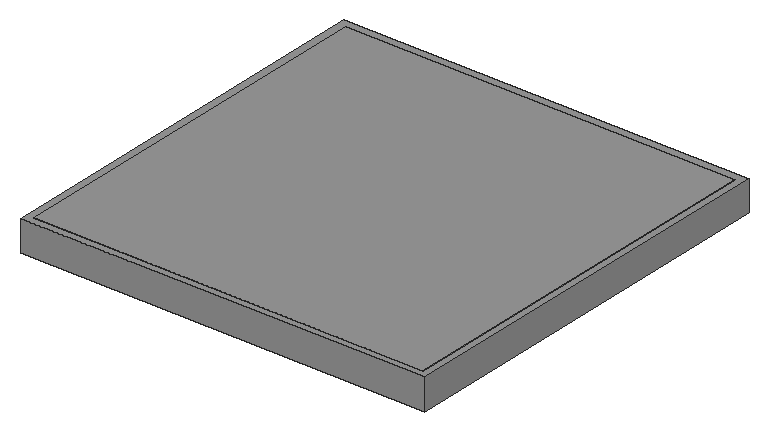
Revit family "ДВО-09 30 Вт Грильято DALI", category Осветительные приборы, Revit 2019 (continued)
Types (6, lengths in mm): name | Эффективность светильника | Файл фотометрической сетки | Тип рассеивателя | Световой поток модуля | built-in parameter 1150142 | Wattage | built-in parameter 1114217 | built-in parameter 1150134 | Lumens | built-in parameter 1150105 | Категория по ограничению яркости | built-in parameter 1150107 | built-in parameter 1150106 | Габаритная яркость | Артикул | URL
  ДВО-09-О-30-5К-IP40-Грильято-DALI | "123" | "INNOLUX 14 958 DVO-09-O-30-5K-IP40-DALI.ies" | "опал" | "1078" | "IESNA: LM-63-1995\r\n[TEST] lab - arhilight 2102145\r\n[MANUFAC] INNOLUX\r\n[LUMCAT] 14 958\r\n[LUMINAIRE] DVO-09-O-30-5Ê-IP40-DALI\r\n[LAMPCAT] LED 30W 5000K\r\n[MORE]\r\n[MORE]\r\n[LAMPCAT]\r\n[LAMP] \r\n[BALLAST] NO\r\n[_PRODUCTGROUP] \r\n[_INFOLINK] This file is created by A.Arkhipov (www.arhilight.ru)\r\nTILT=NONE\r\n \r\n1 3434 1 161 73 1 2 0.588 0.588 0.045\r\n 1  1 30.0\r\n\r\n0 1 2 3 4 5 6 7 8 9 10 11 12 13 14 15 16 17 18 19 20 21 22 23 24 25 26 27 28 29 30 31 32 33 34 35 36 37 38 39 40 41 42 43 44 45 46 47 48 49 50 51 52 53 54 55 56 57 58 59 60 61 62 63 64 65 66 67 68 69 70 71 72 73 74 75 76 77 78 79 80 81 82 83 84 85 86 87 88 89 90 91 92 93 94 95 96 97 98 99 100 101 102 103 104 105 106 107 108 109 110 111 112 113 114 115 116 117 118 119 120 121 122 123 124 125 126 127 128 129 130 131 132 133 134 135 136 137 138 139 140 141 142 143 144 145 146 147 148 149 150 151 152 153 154 155 156 157 158 159 160\r\n\r\n0 2.5 5 7.5 10 12.5 15 17.5 20 22.5 25 27.5 30 32.5 35 37.5 40 42.5 45 47.5 50 52.5 55 57.5 60 62.5 65 67.5 70 72.5 75 77.5 80 82.5 85 87.5 90 92.5 95 97.5 100 102.5 105 107.5 110 112.5 115 117.5 120 122.5 125 127.5 130 132.5 135 137.5 140 142.5 145 147.5 150 152.5 155 157.5 160 162.5 165 167.5 170 172.5 175 177.5 180 \r\n\r\n1213.1 1212.5 1211.3 1209.5 1207.5 1205.0 1202.2 1198.8 1194.8 1190.7 1186.0 1181.0 1175.4 1169.1 1162.5 1155.4 1147.9 1140.1 1131.6 1123.0 1114.0 1104.9 1095.6 1085.8 1075.4 1064.4 1053.3 1041.6 1029.7 1017.2 1004.6 991.4 978.3 964.7 951.1 937.4 923.4 908.9 894.5 879.4 864.4 848.5 832.5 815.9 799.4 782.4 765.5 748.1 730.8 713.1 695.7 677.3 659.3 640.5 621.9 602.4 583.3 563.7 544.6 524.8 505.4 485.4 465.4 444.8 424.7 403.8 382.9 362.4 341.4 320.7 299.8 279.3 258.6 238.4 217.9 198.2 178.3 159.2 140.1 121.9 104.0 87.4 71.6 57.5 44.5 33.3 24.2 17.3 12.3 9.1 7.2 6.3 6.1 6.1 6.1 6.2 6.1 6.2 6.3 6.2 0.0 0.0 0.0 0.0 0.0 0.0 0.0 0.0 0.0 0.0 0.0 0.0 0.0 0.0 0.0 0.0 0.0 0.0 0.0 0.0 0.0 0.0 0.0 0.0 0.0 0.0 0.0 0.0 0.0 0.0 0.0 0.0 0.0 0.0 0.0 0.0 0.0 0.0 0.0 0.0 0.0 0.0 0.0 0.0 0.0 0.0 0.0 0.0 0.0 0.0 0.0 0.0 0.0 0.0 0.0 0.0 0.0 0.0 0.0 0.0 0.0\r\n1213.1 1212.5 1211.4 1209.7 1207.7 1205.2 1202.4 1199.0 1195.1 1191.1 1186.4 1181.3 1175.8 1169.6 1163.1 1156.1 1148.7 1141.0 1132.7 1124.2 1115.2 1105.9 1096.5 1086.6 1076.2 1065.2 1054.2 1042.6 1030.9 1018.7 1006.2 993.3 980.2 966.5 952.8 939.0 924.7 910.3 895.5 880.5 865.0 849.3 833.2 816.8 800.2 783.4 766.4 749.3 732.0 714.6 697.1 679.1 660.9 642.4 623.7 604.6 585.4 566.0 546.5 526.9 507.2 487.3 467.1 446.8 426.5 405.8 385.0 364.5 343.5 322.9 301.9 281.4 260.6 240.4 219.8 200.1 180.2 161.0 141.9 123.4 105.7 88.9 73.1 58.6 45.7 34.3 25.1 18.0 12.9 9.6 7.6 6.6 6.2 6.1 6.2 6.2 6.2 6.2 6.3 6.3 0.0 0.0 0.0 0.0 0.0 0.0 0.0 0.0 0.0 0.0 0.0 0.0 0.0 0.0 0.0 0.0 0.0 0.0 0.0 0.0 0.0 0.0 0.0 0.0 0.0 0.0 0.0 0.0 0.0 0.0 0.0 0.0 0.0 0.0 0.0 0.0 0.0 0.0 0.0 0.0 0.0 0.0 0.0 0.0 0.0 0.0 0.0 0.0 0.0 0.0 0.0 0.0 0.0 0.0 0.0 0.0 0.0 0.0 0.0 0.0 0.0\r\n1213.1 1212.4 1211.4 1209.9 1207.9 1205.4 1202.5 1199.2 1195.4 1191.4 1186.7 1181.5 1176.1 1170.0 1163.6 1156.8 1149.5 1141.8 1133.8 1125.3 1116.3 1106.9 1097.4 1087.3 1076.9 1066.0 1055.1 1043.6 1032.1 1020.1 1007.7 995.1 982.0 968.3 954.5 940.5 926.0 911.6 896.4 881.5 865.6 850.1 833.9 817.7 801.0 784.3 767.3 750.5 733.2 716.1 698.4 680.8 662.5 644.3 625.5 606.7 587.4 568.2 548.4 528.9 509.0 489.1 468.8 448.8 428.2 407.8 387.1 366.6 345.6 325.0 304.0 283.4 262.5 242.3 221.7 201.9 182.0 162.7 143.6 124.9 107.4 90.3 74.6 59.7 46.8 35.2 26.0 18.6 13.5 10.1 7.9 6.9 6.3 6.1 6.2 6.2 6.2 6.2 6.3 6.4 0.0 0.0 0.0 0.0 0.0 0.0 0.0 0.0 0.0 0.0 0.0 0.0 0.0 0.0 0.0 0.0 0.0 0.0 0.0 0.0 0.0 0.0 0.0 0.0 0.0 0.0 0.0 0.0 0.0 0.0 0.0 0.0 0.0 0.0 0.0 0.0 0.0 0.0 0.0 0.0 0.0 0.0 0.0 0.0 0.0 0.0 0.0 0.0 0.0 0.0 0.0 0.0 0.0 0.0 0.0 0.0 0.0 0.0 0.0 0.0 0.0\r\n1213.1 1212.4 1211.2 1209.5 1207.3 1204.6 1201.4 1197.9 1193.9 1189.7 1184.8 1179.6 1173.9 1167.8 1161.1 1154.1 1146.5 1138.6 1130.3 1121.6 1112.5 1102.9 1093.3 1083.0 1072.6 1061.6 1050.5 1038.7 1027.0 1014.6 1002.0 989.0 975.7 961.8 947.9 933.7 919.2 904.6 889.6 874.5 859.0 843.5 827.5 811.2 794.7 777.8 760.8 743.6 726.1 708.5 690.7 672.6 654.3 635.8 617.2 598.2 579.1 559.8 540.3 520.6 500.6 480.7 460.3 440.2 419.4 399.0 378.2 357.6 336.7 316.2 295.3 275.0 254.3 234.4 214.1 194.5 175.0 156.0 137.2 119.1 101.8 85.3 70.0 55.8 43.3 32.6 23.9 17.1 12.4 9.3 7.5 6.7 6.4 6.3 6.4 6.4 6.3 6.4 6.5 6.6 0.0 0.0 0.0 0.0 0.0 0.0 0.0 0.0 0.0 0.0 0.0 0.0 0.0 0.0 0.0 0.0 0.0 0.0 0.0 0.0 0.0 0.0 0.0 0.0 0.0 0.0 0.0 0.0 0.0 0.0 0.0 0.0 0.0 0.0 0.0 0.0 0.0 0.0 0.0 0.0 0.0 0.0 0.0 0.0 0.0 0.0 0.0 0.0 0.0 0.0 0.0 0.0 0.0 0.0 0.0 0.0 0.0 0.0 0.0 0.0 0.0\r\n1213.1 1212.4 1211.0 1209.0 1206.6 1203.8 1200.3 1196.6 1192.3 1187.9 1182.9 1177.6 1171.6 1165.5 1158.5 1151.3 1143.5 1135.3 1126.8 1117.8 1108.6 1098.9 1089.1 1078.7 1068.2 1057.1 1045.8 1033.8 1021.8 1009.1 996.3 982.8 969.3 955.2 941.2 926.8 912.4 897.5 882.7 867.5 852.4 836.8 821.0 804.7 788.4 771.2 754.2 736.6 719.0 700.8 683.0 664.4 646.1 627.2 608.8 589.7 570.8 551.3 532.1 512.2 492.1 472.3 451.8 431.6 410.6 390.1 369.2 348.6 327.7 307.3 286.6 266.5 246.0 226.4 206.4 187.1 167.9 149.3 130.8 113.3 96.2 80.2 65.4 51.9 39.8 29.9 21.7 15.6 11.2 8.5 7.0 6.5 6.4 6.4 6.5 6.6 6.4 6.6 6.7 6.7 0.0 0.0 0.0 0.0 0.0 0.0 0.0 0.0 0.0 0.0 0.0 0.0 0.0 0.0 0.0 0.0 0.0 0.0 0.0 0.0 0.0 0.0 0.0 0.0 0.0 0.0 0.0 0.0 0.0 0.0 0.0 0.0 0.0 0.0 0.0 0.0 0.0 0.0 0.0 0.0 0.0 0.0 0.0 0.0 0.0 0.0 0.0 0.0 0.0 0.0 0.0 0.0 0.0 0.0 0.0 0.0 0.0 0.0 0.0 0.0 0.0\r\n1213.1 1212.5 1211.3 1209.5 1207.5 1205.0 1202.2 1198.8 1194.8 1190.7 1186.0 1181.0 1175.4 1169.1 1162.5 1155.4 1147.9 1140.1 1131.6 1123.0 1114.0 1104.9 1095.6 1085.8 1075.4 1064.4 1053.3 1041.6 1029.7 1017.2 1004.6 991.4 978.3 964.7 951.1 937.4 923.4 908.9 894.5 879.4 864.4 848.5 832.5 815.9 799.4 782.4 765.5 748.1 730.8 713.1 695.7 677.3 659.3 640.5 621.9 602.4 583.3 563.7 544.6 524.8 505.4 485.4 465.4 444.8 424.7 403.8 382.9 362.4 341.4 320.7 299.8 279.3 258.6 238.4 217.9 198.2 178.3 159.2 140.1 121.9 104.0 87.4 71.6 57.5 44.5 33.3 24.2 17.3 12.3 9.1 7.2 6.3 6.1 6.1 6.1 6.2 6.1 6.2 6.3 6.2 0.0 0.0 0.0 0.0 0.0 0.0 0.0 0.0 0.0 0.0 0.0 0.0 0.0 0.0 0.0 0.0 0.0 0.0 0.0 0.0 0.0 0.0 0.0 0.0 0.0 0.0 0.0 0.0 0.0 0.0 0.0 0.0 0.0 0.0 0.0 0.0 0.0 0.0 0.0 0.0 0.0 0.0 0.0 0.0 0.0 0.0 0.0 0.0 0.0 0.0 0.0 0.0 0.0 0.0 0.0 0.0 0.0 0.0 0.0 0.0 0.0\r\n1213.1 1212.5 1211.4 1209.7 1207.7 1205.2 1202.4 1199.0 1195.1 1191.1 1186.4 1181.3 1175.8 1169.6 1163.1 1156.1 1148.7 1141.0 1132.7 1124.2 1115.2 1105.9 1096.5 1086.6 1076.2 1065.2 1054.2 1042.6 1030.9 1018.7 1006.2 993.3 980.2 966.5 952.8 939.0 924.7 910.3 895.5 880.5 865.0 849.3 833.2 816.8 800.2 783.4 766.4 749.3 732.0 714.6 697.1 679.1 660.9 642.4 623.7 604.6 585.4 566.0 546.5 526.9 507.2 487.3 467.1 446.8 426.5 405.8 385.0 364.5 343.5 322.9 301.9 281.4 260.6 240.4 219.8 200.1 180.2 161.0 141.9 123.4 105.7 88.9 73.1 58.6 45.7 34.3 25.1 18.0 12.9 9.6 7.6 6.6 6.2 6.1 6.2 6.2 6.2 6.2 6.3 6.3 0.0 0.0 0.0 0.0 0.0 0.0 0.0 0.0 0.0 0.0 0.0 0.0 0.0 0.0 0.0 0.0 0.0 0.0 0.0 0.0 0.0 0.0 0.0 0.0 0.0 0.0 0.0 0.0 0.0 0.0 0.0 0.0 0.0 0.0 0.0 0.0 0.0 0.0 0.0 0.0 0.0 0.0 0.0 0.0 0.0 0.0 0.0 0.0 0.0 0.0 0.0 0.0 0.0 0.0 0.0 0.0 0.0 0.0 0.0 0.0 0.0\r\n1213.1 1212.4 1211.4 1209.9 1207.9 1205.4 1202.5 1199.2 1195.4 1191.4 1186.7 1181.5 1176.1 1170.0 1163.6 1156.8 1149.5 1141.8 1133.8 1125.3 1116.3 1106.9 1097.4 1087.3 1076.9 1066.0 1055.1 1043.6 1032.1 1020.1 1007.7 995.1 982.0 968.3 954.5 940.5 926.0 911.6 896.4 881.5 865.6 850.1 833.9 817.7 801.0 784.3 767.3 750.5 733.2 716.1 698.4 680.8 662.5 644.3 625.5 606.7 587.4 568.2 548.4 528.9 509.0 489.1 468.8 448.8 428.2 407.8 387.1 366.6 345.6 325.0 304.0 283.4 262.5 242.3 221.7 201.9 182.0 162.7 143.6 124.9 107.4 90.3 74.6 59.7 46.8 35.2 26.0 18.6 13.5 10.1 7.9 6.9 6.3 6.1 6.2 6.2 6.2 6.2 6.3 6.4 0.0 0.0 0.0 0.0 0.0 0.0 0.0 0.0 0.0 0.0 0.0 0.0 0.0 0.0 0.0 0.0 0.0 0.0 0.0 0.0 0.0 0.0 0.0 0.0 0.0 0.0 0.0 0.0 0.0 0.0 0.0 0.0 0.0 0.0 0.0 0.0 0.0 0.0 0.0 0.0 0.0 0.0 0.0 0.0 0.0 0.0 0.0 0.0 0.0 0.0 0.0 0.0 0.0 0.0 0.0 0.0 0.0 0.0 0.0 0.0 0.0\r\n1213.1 1212.4 1211.2 1209.5 1207.3 1204.6 1201.4 1197.9 1193.9 1189.7 1184.8 1179.6 1173.9 1167.8 1161.1 1154.1 1146.5 1138.6 1130.3 1121.6 1112.5 1102.9 1093.3 1083.0 1072.6 1061.6 1050.5 1038.7 1027.0 1014.6 1002.0 989.0 975.7 961.8 947.9 933.7 919.2 904.6 889.6 874.5 859.0 843.5 827.5 811.2 794.7 777.8 760.8 743.6 726.1 708.5 690.7 672.6 654.3 635.8 617.2 598.2 579.1 559.8 540.3 520.6 500.6 480.7 460.3 440.2 419.4 399.0 378.2 357.6 336.7 316.2 295.3 275.0 254.3 234.4 214.1 194.5 175.0 156.0 137.2 119.1 101.8 85.3 70.0 55.8 43.3 32.6 23.9 17.1 12.4 9.3 7.5 6.7 6.4 6.3 6.4 6.4 6.3 6.4 6.5 6.6 0.0 0.0 0.0 0.0 0.0 0.0 0.0 0.0 0.0 0.0 0.0 0.0 0.0 0.0 0.0 0.0 0.0 0.0 0.0 0.0 0.0 0.0 0.0 0.0 0.0 0.0 0.0 0.0 0.0 0.0 0.0 0.0 0.0 0.0 0.0 0.0 0.0 0.0 0.0 0.0 0.0 0.0 0.0 0.0 0.0 0.0 0.0 0.0 0.0 0.0 0.0 0.0 0.0 0.0 0.0 0.0 0.0 0.0 0.0 0.0 0.0\r\n1213.1 1212.4 1211.0 1209.0 1206.6 1203.8 1200.3 1196.6 1192.3 1187.9 1182.9 1177.6 1171.6 1165.5 1158.5 1151.3 1143.5 1135.3 1126.8 1117.8 1108.6 1098.9 1089.1 1078.7 1068.2 1057.1 1045.8 1033.8 1021.8 1009.1 996.3 982.8 969.3 955.2 941.2 926.8 912.4 897.5 882.7 867.5 852.4 836.8 821.0 804.7 788.4 771.2 754.2 736.6 719.0 700.8 683.0 664.4 646.1 627.2 608.8 589.7 570.8 551.3 532.1 512.2 492.1 472.3 451.8 431.6 410.6 390.1 369.2 348.6 327.7 307.3 286.6 266.5 246.0 226.4 206.4 187.1 167.9 149.3 130.8 113.3 96.2 80.2 65.4 51.9 39.8 29.9 21.7 15.6 11.2 8.5 7.0 6.5 6.4 6.4 6.5 6.6 6.4 6.6 6.7 6.7 0.0 0.0 0.0 0.0 0.0 0.0 0.0 0.0 0.0 0.0 0.0 0.0 0.0 0.0 0.0 0.0 0.0 0.0 0.0 0.0 0.0 0.0 0.0 0.0 0.0 0.0 0.0 0.0 0.0 0.0 0.0 0.0 0.0 0.0 0.0 0.0 0.0 0.0 0.0 0.0 0.0 0.0 0.0 0.0 0.0 0.0 0.0 0.0 0.0 0.0 0.0 0.0 0.0 0.0 0.0 0.0 0.0 0.0 0.0 0.0 0.0\r\n1213.1 1212.5 1211.3 1209.5 1207.5 1205.0 1202.2 1198.8 1194.8 1190.7 1186.0 1181.0 1175.4 1169.1 1162.5 1155.4 1147.9 1140.1 1131.6 1123.0 1114.0 1104.9 1095.6 1085.8 1075.4 1064.4 1053.3 1041.6 1029.7 1017.2 1004.6 991.4 978.3 964.7 951.1 937.4 923.4 908.9 894.5 879.4 864.4 848.5 832.5 815.9 799.4 782.4 765.5 748.1 730.8 713.1 695.7 677.3 659.3 640.5 621.9 602.4 583.3 563.7 544.6 524.8 505.4 485.4 465.4 444.8 424.7 403.8 382.9 362.4 341.4 320.7 299.8 279.3 258.6 238.4 217.9 198.2 178.3 159.2 140.1 121.9 104.0 87.4 71.6 57.5 44.5 33.3 24.2 17.3 12.3 9.1 7.2 6.3 6.1 6.1 6.1 6.2 6.1 6.2 6.3 6.2 0.0 0.0 0.0 0.0 0.0 0.0 0.0 0.0 0.0 0.0 0.0 0.0 0.0 0.0 0.0 0.0 0.0 0.0 0.0 0.0 0.0 0.0 0.0 0.0 0.0 0.0 0.0 0.0 0.0 0.0 0.0 0.0 0.0 0.0 0.0 0.0 0.0 0.0 0.0 0.0 0.0 0.0 0.0 0.0 0.0 0.0 0.0 0.0 0.0 0.0 0.0 0.0 0.0 0.0 0.0 0.0 0.0 0.0 0.0 0.0 0.0\r\n1213.1 1212.5 1211.4 1209.7 1207.7 1205.2 1202.4 1199.0 1195.1 1191.1 1186.4 1181.3 1175.8 1169.6 1163.1 1156.1 1148.7 1141.0 1132.7 1124.2 1115.2 1105.9 1096.5 1086.6 1076.2 1065.2 1054.2 1042.6 1030.9 1018.7 1006.2 993.3 980.2 966.5 952.8 939.0 924.7 910.3 895.5 880.5 865.0 849.3 833.2 816.8 800.2 783.4 766.4 749.3 732.0 714.6 697.1 679.1 660.9 642.4 623.7 604.6 585.4 566.0 546.5 526.9 507.2 487.3 467.1 446.8 426.5 405.8 385.0 364.5 343.5 322.9 301.9 281.4 260.6 240.4 219.8 200.1 180.2 161.0 141.9 123.4 105.7 88.9 73.1 58.6 45.7 34.3 25.1 18.0 12.9 9.6 7.6 6.6 6.2 6.1 6.2 6.2 6.2 6.2 6.3 6.3 0.0 0.0 0.0 0.0 0.0 0.0 0.0 0.0 0.0 0.0 0.0 0.0 0.0 0.0 0.0 0.0 0.0 0.0 0.0 0.0 0.0 0.0 0.0 0.0 0.0 0.0 0.0 0.0 0.0 0.0 0.0 0.0 0.0 0.0 0.0 0.0 0.0 0.0 0.0 0.0 0.0 0.0 0.0 0.0 0.0 0.0 0.0 0.0 0.0 0.0 0.0 0.0 0.0 0.0 0.0 0.0 0.0 0.0 0.0 0.0 0.0\r\n1213.1 1212.4 1211.4 1209.9 1207.9 1205.4 1202.5 1199.2 1195.4 1191.4 1186.7 1181.5 1176.1 1170.0 1163.6 1156.8 1149.5 1141.8 1133.8 1125.3 1116.3 1106.9 1097.4 1087.3 1076.9 1066.0 1055.1 1043.6 1032.1 1020.1 1007.7 995.1 982.0 968.3 954.5 940.5 926.0 911.6 896.4 881.5 865.6 850.1 833.9 817.7 801.0 784.3 767.3 750.5 733.2 716.1 698.4 680.8 662.5 644.3 625.5 606.7 587.4 568.2 548.4 528.9 509.0 489.1 468.8 448.8 428.2 407.8 387.1 366.6 345.6 325.0 304.0 283.4 262.5 242.3 221.7 201.9 182.0 162.7 143.6 124.9 107.4 90.3 74.6 59.7 46.8 35.2 26.0 18.6 13.5 10.1 7.9 6.9 6.3 6.1 6.2 6.2 6.2 6.2 6.3 6.4 0.0 0.0 0.0 0.0 0.0 0.0 0.0 0.0 0.0 0.0 0.0 0.0 0.0 0.0 0.0 0.0 0.0 0.0 0.0 0.0 0.0 0.0 0.0 0.0 0.0 0.0 0.0 0.0 0.0 0.0 0.0 0.0 0.0 0.0 0.0 0.0 0.0 0.0 0.0 0.0 0.0 0.0 0.0 0.0 0.0 0.0 0.0 0.0 0.0 0.0 0.0 0.0 0.0 0.0 0.0 0.0 0.0 0.0 0.0 0.0 0.0\r\n1213.1 1212.4 1211.2 1209.5 1207.3 1204.6 1201.4 1197.9 1193.9 1189.7 1184.8 1179.6 1173.9 1167.8 1161.1 1154.1 1146.5 1138.6 1130.3 1121.6 1112.5 1102.9 1093.3 1083.0 1072.6 1061.6 1050.5 1038.7 1027.0 1014.6 1002.0 989.0 975.7 961.8 947.9 933.7 919.2 904.6 889.6 874.5 859.0 843.5 827.5 811.2 794.7 777.8 760.8 743.6 726.1 708.5 690.7 672.6 654.3 635.8 617.2 598.2 579.1 559.8 540.3 520.6 500.6 480.7 460.3 440.2 419.4 399.0 378.2 357.6 336.7 316.2 295.3 275.0 254.3 234.4 214.1 194.5 175.0 156.0 137.2 119.1 101.8 85.3 70.0 55.8 43.3 32.6 23.9 17.1 12.4 9.3 7.5 6.7 6.4 6.3 6.4 6.4 6.3 6.4 6.5 6.6 0.0 0.0 0.0 0.0 0.0 0.0 0.0 0.0 0.0 0.0 0.0 0.0 0.0 0.0 0.0 0.0 0.0 0.0 0.0 0.0 0.0 0.0 0.0 0.0 0.0 0.0 0.0 0.0 0.0 0.0 0.0 0.0 0.0 0.0 0.0 0.0 0.0 0.0 0.0 0.0 0.0 0.0 0.0 0.0 0.0 0.0 0.0 0.0 0.0 0.0 0.0 0.0 0.0 0.0 0.0 0.0 0.0 0.0 0.0 0.0 0.0\r\n1213.1 1212.4 1211.0 1209.0 1206.6 1203.8 1200.3 1196.6 1192.3 1187.9 1182.9 1177.6 1171.6 1165.5 1158.5 1151.3 1143.5 1135.3 1126.8 1117.8 1108.6 1098.9 1089.1 1078.7 1068.2 1057.1 1045.8 1033.8 1021.8 1009.1 996.3 982.8 969.3 955.2 941.2 926.8 912.4 897.5 882.7 867.5 852.4 836.8 821.0 804.7 788.4 771.2 754.2 736.6 719.0 700.8 683.0 664.4 646.1 627.2 608.8 589.7 570.8 551.3 532.1 512.2 492.1 472.3 451.8 431.6 410.6 390.1 369.2 348.6 327.7 307.3 286.6 266.5 246.0 226.4 206.4 187.1 167.9 149.3 130.8 113.3 96.2 80.2 65.4 51.9 39.8 29.9 21.7 15.6 11.2 8.5 7.0 6.5 6.4 6.4 6.5 6.6 6.4 6.6 6.7 6.7 0.0 0.0 0.0 0.0 0.0 0.0 0.0 0.0 0.0 0.0 0.0 0.0 0.0 0.0 0.0 0.0 0.0 0.0 0.0 0.0 0.0 0.0 0.0 0.0 0.0 0.0 0.0 0.0 0.0 0.0 0.0 0.0 0.0 0.0 0.0 0.0 0.0 0.0 0.0 0.0 0.0 0.0 0.0 0.0 0.0 0.0 0.0 0.0 0.0 0.0 0.0 0.0 0.0 0.0 0.0 0.0 0.0 0.0 0.0 0.0 0.0\r\n1213.1 1212.5 1211.3 1209.5 1207.5 1205.0 1202.2 1198.8 1194.8 1190.7 1186.0 1181.0 1175.4 1169.1 1162.5 1155.4 1147.9 1140.1 1131.6 1123.0 1114.0 1104.9 1095.6 1085.8 1075.4 1064.4 1053.3 1041.6 1029.7 1017.2 1004.6 991.4 978.3 964.7 951.1 937.4 923.4 908.9 894.5 879.4 864.4 848.5 832.5 815.9 799.4 782.4 765.5 748.1 730.8 713.1 695.7 677.3 659.3 640.5 621.9 602.4 583.3 563.7 544.6 524.8 505.4 485.4 465.4 444.8 424.7 403.8 382.9 362.4 341.4 320.7 299.8 279.3 258.6 238.4 217.9 198.2 178.3 159.2 140.1 121.9 104.0 87.4 71.6 57.5 44.5 33.3 24.2 17.3 12.3 9.1 7.2 6.3 6.1 6.1 6.1 6.2 6.1 6.2 6.3 6.2 0.0 0.0 0.0 0.0 0.0 0.0 0.0 0.0 0.0 0.0 0.0 0.0 0.0 0.0 0.0 0.0 0.0 0.0 0.0 0.0 0.0 0.0 0.0 0.0 0.0 0.0 0.0 0.0 0.0 0.0 0.0 0.0 0.0 0.0 0.0 0.0 0.0 0.0 0.0 0.0 0.0 0.0 0.0 0.0 0.0 0.0 0.0 0.0 0.0 0.0 0.0 0.0 0.0 0.0 0.0 0.0 0.0 0.0 0.0 0.0 0.0\r\n1213.1 1212.5 1211.4 1209.7 1207.7 1205.2 1202.4 1199.0 1195.1 1191.1 1186.4 1181.3 1175.8 1169.6 1163.1 1156.1 1148.7 1141.0 1132.7 1124.2 1115.2 1105.9 1096.5 1086.6 1076.2 1065.2 1054.2 1042.6 1030.9 1018.7 1006.2 993.3 980.2 966.5 952.8 939.0 924.7 910.3 895.5 880.5 865.0 849.3 833.2 816.8 800.2 783.4 766.4 749.3 732.0 714.6 697.1 679.1 660.9 642.4 623.7 604.6 585.4 566.0 546.5 526.9 507.2 487.3 467.1 446.8 426.5 405.8 385.0 364.5 343.5 322.9 301.9 281.4 260.6 240.4 219.8 200.1 180.2 161.0 141.9 123.4 105.7 88.9 73.1 58.6 45.7 34.3 25.1 18.0 12.9 9.6 7.6 6.6 6.2 6.1 6.2 6.2 6.2 6.2 6.3 6.3 0.0 0.0 0.0 0.0 0.0 0.0 0.0 0.0 0.0 0.0 0.0 0.0 0.0 0.0 0.0 0.0 0.0 0.0 0.0 0.0 0.0 0.0 0.0 0.0 0.0 0.0 0.0 0.0 0.0 0.0 0.0 0.0 0.0 0.0 0.0 0.0 0.0 0.0 0.0 0.0 0.0 0.0 0.0 0.0 0.0 0.0 0.0 0.0 0.0 0.0 0.0 0.0 0.0 0.0 0.0 0.0 0.0 0.0 0.0 0.0 0.0\r\n1213.1 1212.4 1211.4 1209.9 1207.9 1205.4 1202.5 1199.2 1195.4 1191.4 1186.7 1181.5 1176.1 1170.0 1163.6 1156.8 1149.5 1141.8 1133.8 1125.3 1116.3 1106.9 1097.4 1087.3 1076.9 1066.0 
